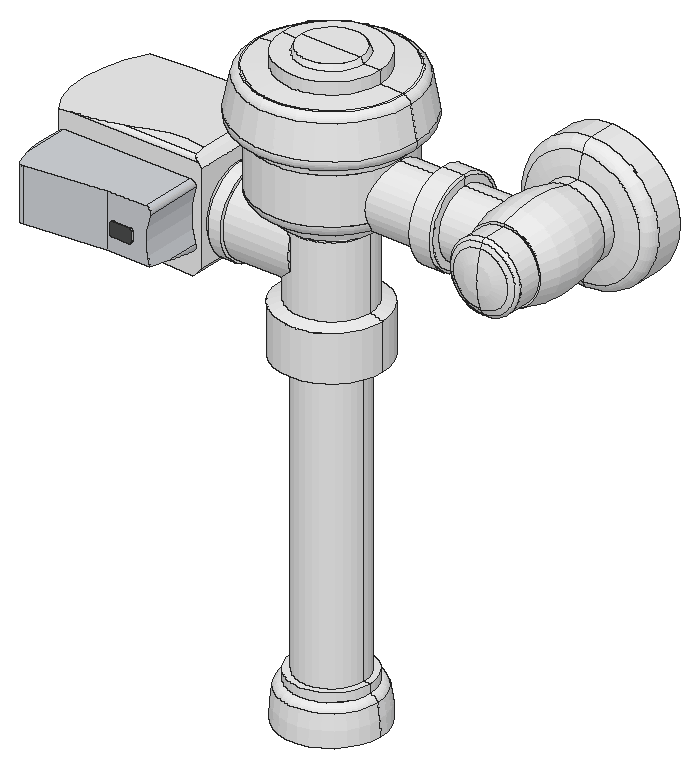
Revit family
Parameters (values of type "Royal Optima 111-1.28 SMOOTH")
  Waste Connection = no
  WFU = 0
  Vent Connection = no
  URL = "http://www.sloanvalve.com"
  Revised Date = "17/04/2013"
  Product URL = "http://www.sloanvalve.com/Our_Products/Sensor_Operated_Flushometers.aspx"
  Product Documentation Link = "http://www.sloanvalve.com/Specifications/Royal_Optima_SMOOTH_111-1pt28.pdf"
  Model = "Royal Optima 111-1.28 SMOOTH"
  Material = "Metal-Sloan-Chrome Plated"
  Manufacturer = "SLOAN"
  HWFU = 0
  HW Connection = no
  Description = "Exposed, Battery Powered, Sensor Activated, Royal ® Optima® SMOOTH™ Water Closet Flushometer for floor mounted or wall hung top spud bowls.\r\n\r\n"
  Default Elevation = 0"
  Cold Water Connection Radius = 1/2"
  CWFU = 10
  CW Connection = yes
  Assembly Code = "D2020300"
  ADA Compliant = yes
Reference planes (in)
  plane 1 "Center (Front/Back)": y = 0
  plane 2: z = 0
  plane 3 "Center (Left/Right)": x = 0
  plane 4: z = 10.25626
  plane 5: z = 11.50515
  plane 6: z = 8.13015
  plane 7: x = 4.75
  plane 8: y = 2.25
  plane 9: y = 1.6875
  plane 10: z = 11.5
  plane 11: x = -6
  plane 12: y = -2.5625
Forms (in)
  Revolve 1, solid, material "Metal-Sloan-Chrome Plated"
    sketch origin (0, 0, 0) x (1, 0, 0) y (0, 0, 1)
      loop
        line (0, 14.0094) -> (-0.68898, 14.0094) -> (-0.74803, 13.89129) -> (-1.14173, 13.89129) -> (-1.14173, 13.6157)
        arc (-1.14173, 13.6157) -> (-1.40055, 13.6078) -> (-1.65821, 13.58206) r 3.75062
        line (-1.65821, 13.58206) -> (-1.69345, 13.57253)
        arc (-1.69345, 13.57253) -> (-1.78906, 13.51106) -> (-1.8402, 13.40955) r 0.21588
        line (-1.8402, 13.40955) -> (-1.98606, 12.69082)
        arc (-1.98606, 12.69082) -> (-1.94084, 12.5129) -> (-1.77479, 12.43459) r 0.21522
        line (-1.77479, 12.43459) -> (-1.71373, 12.43459)
        arc (-1.71373, 12.43459) -> (-1.65034, 12.32819) -> (-1.62274, 12.20744) r 0.39778
        line (-1.62274, 12.20744) -> (-1.62274, 11.13176)
        arc (-1.62274, 11.13176) -> (-1.50829, 10.90601) -> (-1.2701, 10.82042) r 0.34264
        line (-1.2701, 10.82042) -> (-1.20079, 10.82042)
        arc (-1.20079, 10.82042) -> (-1.15956, 10.6836) -> (-1.10243, 10.55262) r 1.20581
        line (-1.10243, 10.55262) -> (-1.03576, 10.55262)
        arc (-1.03576, 10.55262) -> (-0.94287, 10.50529) -> (-0.90551, 10.40796) r 0.14546
        line (-0.90551, 10.40796) -> (-0.90551, 8.76194) -> (-1.1875, 8.67032) -> (-1.1875, 7.61693) -> (-0.75, 7.61693) -> (-0.75, 1.02178) -> (-0.90551, 1.02178) -> (-0.90551, 0.8244)
        arc (-0.90551, 0.8244) -> (-1.01192, 0.77816) -> (-1.07677, 0.68196) r 0.20715
        arc (-1.07677, 0.68196) -> (-1.12825, 0.34278) -> (-1.14196, 0) r 3.10082
        line (-1.14196, 0) -> (0, 0) -> (0, 14.0094)
      axis (0, 14.0094) -> (0, 0)
    angle from 0 to 360
  Revolve 2, solid, material "Metal-Sloan-Chrome Plated"
    sketch origin (0, -0.03317, -0.06382) x (1, 0, 0) y (0, 0, 1)
      loop
        line (0, 11.5) -> (4.62494, 11.5) -> (4.62494, 12.26772) -> (3.12494, 12.26772) -> (3.12494, 12.4256) -> (3.09759, 12.48425) -> (2.62016, 12.48425) -> (2.59369, 12.4256) -> (2.59369, 12.26784) -> (0, 12.26784) -> (0, 11.5)
      axis (4.62494, 11.5) -> (0, 11.5)
    angle from 0 to 360
  Revolve 3, solid, material "Metal-Sloan-Chrome Plated"
    sketch origin (-0.26953, -0.00192, 0) x (1, 0, 0) y (0, 0, 1)
      loop
        line (-1.51908, 9.91642) -> (-2.0521, 9.91642) -> (-2.0521, 9.06647) -> (-1.95658, 9.06647)
        arc (-1.95658, 9.06647) -> (-1.88442, 8.98883) -> (-1.79965, 8.92519) r 0.59657
        line (-1.79965, 8.92519) -> (-1.51908, 8.92519) -> (-1.51908, 8.98878) -> (0, 8.98878) -> (0, 9.91642) -> (-1.51908, 9.91642)
      axis (-2.0521, 9.91642) -> (0, 9.91642)
    angle from 0 to 360
  Revolve 4, solid, material "Metal-Sloan-Chrome Plated"
    sketch origin (4.75, 4.02869, -0.06382) x (0, 1, 0) y (0, 0, 1)
      loop
        line (-1.77869, 11.56382) -> (-5.72833, 11.56382)
        arc (-5.72833, 11.56382) -> (-5.70084, 11.24323) -> (-5.61512, 10.9331) r 1.75012
        line (-5.61512, 10.9331) -> (-5.5626, 10.81718)
        arc (-5.5626, 10.81718) -> (-5.52565, 10.77319) -> (-5.47061, 10.75673) r 0.10022
        line (-5.47061, 10.75673) -> (-4.94094, 10.75673) -> (-4.94094, 10.71235)
        arc (-4.94094, 10.71235) -> (-4.01575, 10.55732) -> (-3.09055, 10.71235) r 2.83837
        line (-3.09055, 10.71235) -> (-2.8125, 10.71235) -> (-2.8125, 10.81382) -> (-2.77585, 10.81382)
        arc (-2.77585, 10.81382) -> (-2.74036, 10.51207) -> (-2.66497, 10.21774) r 2.27448
        arc (-2.66497, 10.21774) -> (-2.55902, 10.06975) -> (-2.38755, 10.0087) r 0.3043
        line (-2.38755, 10.0087) -> (-1.77869, 10.0087) -> (-1.77869, 11.56382)
      axis (-5.72833, 11.56382) -> (-1.77869, 11.56382)
    angle from 0 to 360
  Extrusion 5, solid, material "Metal-Sloan-Chrome Plated"
    sketch origin (-0.26953, 3.52869, 0) x (0, 1, 0) y (0, 0, 1)
      loop
        arc (-2.05712, 11.35999) -> (-3.23538, 11.37101) -> (-4.41074, 11.28772) r 14.71473
        arc (-4.41074, 11.28772) -> (-4.48097, 11.25671) -> (-4.5098, 11.18557) r 0.1022
        line (-4.5098, 11.18557) -> (-4.5098, 8.44758)
        arc (-4.5098, 8.44758) -> (-4.47433, 8.3611) -> (-4.38835, 8.32445) r 0.12314
        arc (-4.38835, 8.32445) -> (-3.19679, 8.20827) -> (-2.0025, 8.29177) r 7.17782
        arc (-2.0025, 8.29177) -> (-1.89658, 8.4075) -> (-1.84119, 8.55429) r 0.41494
        arc (-1.84119, 8.55429) -> (-1.94086, 9.77509) -> (-1.84119, 10.99589) r 7.5263
        arc (-1.84119, 10.99589) -> (-1.89923, 11.20755) -> (-2.05712, 11.35999) r 0.41494
    from -6.08994 to -1.95658
  Extrusion 6, void
    sketch origin (-0.74375, 3.52869, 0) x (1, 0, 0) y (0, 1, 0)
      loop
        line (-4.7873, -1.84119) -> (-5.61572, -1.84119) -> (-5.61572, -4.54791) -> (-4.7873, -4.54791)
        arc (-4.7873, -4.54791) -> (-5.25631, -3.19455) -> (-4.7873, -1.84119) r 2.18712
    from 8.0438 to 12
  Extrusion 7, solid
    sketch origin (-0.26953, 0.40076, 8.7569) x (1, 0, 0) y (0, 0, 1)
      loop
        arc (-5.14763, 2.03693) -> (-5.23602, 2.00032) -> (-5.27263, 1.91193) r 0.125
        line (-5.27263, 1.91193) -> (-5.27263, 0.66193)
        arc (-5.27263, 0.66193) -> (-5.23602, 0.57354) -> (-5.14763, 0.53693) r 0.125
        line (-5.14763, 0.53693) -> (-2.2294, 0.53693)
        arc (-2.2294, 0.53693) -> (-2.12808, 0.58872) -> (-2.11072, 0.70117) r 0.125
        arc (-2.11072, 0.70117) -> (-2.20506, 1.28693) -> (-2.11072, 1.87268) r 1.86569
        arc (-2.11072, 1.87268) -> (-2.12808, 1.98514) -> (-2.2294, 2.03693) r 0.125
        line (-2.2294, 2.03693) -> (-5.14763, 2.03693)
    from 1.15185 to 2.93201
  Extrusion 8, solid
    sketch origin (-0.26953, -2.28125, 8.7569) x (1, 0, 0) y (0, 0, 1)
      loop
        arc (-2.96901, 1.45446) -> (-3.0132, 1.43616) -> (-3.03151, 1.39196) r 0.0625
        line (-3.03151, 1.39196) -> (-3.03151, 1.19553)
        arc (-3.03151, 1.19553) -> (-3.0132, 1.15133) -> (-2.96901, 1.13303) r 0.0625
        line (-2.96901, 1.13303) -> (-2.59401, 1.13303)
        arc (-2.59401, 1.13303) -> (-2.54982, 1.15133) -> (-2.53151, 1.19553) r 0.0625
        line (-2.53151, 1.19553) -> (-2.53151, 1.39196)
        arc (-2.53151, 1.39196) -> (-2.54982, 1.43616) -> (-2.59401, 1.45446) r 0.0625
        line (-2.59401, 1.45446) -> (-2.96901, 1.45446)
    from 0 to 0.03125
  Extrusion 9, void
    sketch origin (-0.26953, 4.02869, 9.0069) x (1, 0, 0) y (0, 0, 1)
      loop
        line (-6.35318, 2.54905) -> (-6.35318, 1.99176)
        arc (-6.35318, 1.99176) -> (-4.06824, 2.26441) -> (-1.76725, 2.29197) r 21.55956
        line (-1.76725, 2.29197) -> (-1.76725, 2.54905) -> (-6.35318, 2.54905)
    from 2.23816 to 5.37545
  Extrusion 10, void
    sketch origin (-0.26953, 4.02869, 11.08075) x (1, 0, 0) y (0, 0, 1)
      loop
        line (-6.35318, -3.28693) -> (-1.76725, -3.28693) -> (-1.76725, -2.29197)
        arc (-1.76725, -2.29197) -> (-4.06824, -2.26441) -> (-6.35318, -1.99176) r 21.55956
        line (-6.35318, -1.99176) -> (-6.35318, -3.28693)
    from 2.28831 to 5.37545
  Extrusion 11, void
    sketch origin (-0.26953, 4.02869, 9.0069) x (1, 0, 0) y (0, 0, 1)
      loop
        arc (-2.24388, 2.3451) -> (-2.04513, 2.19031) -> (-1.89033, 1.99155) r 1.02095
        line (-1.89033, 1.99155) -> (-1.89033, 2.3451) -> (-2.24388, 2.3451)
    from 2.34119 to 5.25011
  Extrusion 12, void
    sketch origin (-0.26953, 4.02869, 11.08075) x (1, 0, 0) y (0, 0, 1)
      loop
        line (-2.24388, -2.3451) -> (-1.89033, -2.3451) -> (-1.89033, -1.99155)
        arc (-1.89033, -1.99155) -> (-2.04513, -2.19031) -> (-2.24388, -2.3451) r 1.02095
    from 2.28831 to 5.25011
  Extrusion 13, void
    sketch origin (-0.01562, 0, 0) x (1, 0, 0) y (0, 1, 0)
      loop
        line (-5.54258, -1.01922) -> (-5.64677, -1.01922) -> (-5.64677, -2.5625) -> (-2.32163, -2.5625) -> (-2.32163, -2.28125) -> (-3.37393, -2.28125) -> (-5.13745, -2.51741)
        arc (-5.13745, -2.51741) -> (-5.22375, -2.49993) -> (-5.28083, -2.43287) r 0.13472
        arc (-5.28083, -2.43287) -> (-5.47875, -1.73846) -> (-5.54258, -1.01922) r 3.82362
    from 8.93042 to 12
  Extrusion 14, void
    sketch origin (0, 0, 0) x (0, -1, 0) y (0, 0, 1)
      loop
        line (0.613, 9.26018) -> (2.5625, 9.26018) -> (2.5625, 9.60393) -> (0.613, 9.26018)
    from 1.9477 to 6.09058
Cuts and joins
  Extrusion 6, Extrusion 9, Extrusion 10, Extrusion 11, Extrusion 12, Extrusion 13, Extrusion 14 cuts Revolve 1
  Extrusion 6, Extrusion 9, Extrusion 10, Extrusion 11, Extrusion 13 cuts Revolve 3
  Extrusion 6, Extrusion 9, Extrusion 10, Extrusion 11, Extrusion 12, Extrusion 13, Extrusion 14 cuts Revolve 4
  Extrusion 6, Extrusion 9, Extrusion 10, Extrusion 11, Extrusion 12, Extrusion 13 cuts Extrusion 5
  joined: Revolve 1, Revolve 3, Revolve 4, Extrusion 5
  Extrusion 6, Extrusion 9, Extrusion 10, Extrusion 11, Extrusion 12 cuts Revolve 2
  Extrusion 13, Extrusion 14 cuts Extrusion 7
Lines and regions (in)
  Masking region 1
    outline origin (0, 0, 0) x (1, 0, 0) y (0, 1, 0)
      loop
        line (3.19488, 2.25) -> (3.19488, 1.64114)
        arc (3.19488, 1.64114) -> (3.21972, 1.49891) -> (3.32433, 1.3994) r 0.23037
        arc (3.32433, 1.3994) -> (3.6044, 1.30213) -> (3.89876, 1.26678) r 1.38289
        line (3.89876, 1.26678) -> (3.89876, 0.94064)
        arc (3.89876, 0.94064) -> (3.86665, 0.83878) -> (3.83632, 0.73639) r 6.12749
        line (3.83632, 0.73639) -> (3.1283, 0.73639) -> (3.1283, 0.8915) -> (3.09288, 0.95284) -> (2.62402, 0.95284) -> (2.59369, 0.90029) -> (2.59369, 0.73359) -> (1.84671, 0.73359)
        arc (1.84671, 0.73359) -> (0.124, 1.99929) -> (-1.75809, 0.98566) r 1.99997
        line (-1.75809, 0.98566) -> (-2.07834, 0.98566) -> (-2.22611, 0.83789) -> (-2.22611, 1.68813) -> (-5.56039, 1.68813)
        arc (-5.56039, 1.68813) -> (-5.99558, 0.35351) -> (-5.56039, -0.98111) r 2.26409
        arc (-5.56039, -0.98111) -> (-5.49898, -1.70941) -> (-5.30385, -2.41377) r 3.93249
        arc (-5.30385, -2.41377) -> (-5.25208, -2.49144) -> (-5.16139, -2.51352) r 0.1284
        line (-5.16139, -2.51352) -> (-3.42688, -2.28125) -> (-3.30104, -2.28125) -> (-3.30104, -2.3125) -> (-2.79848, -2.3125) -> (-2.79848, -2.27721) -> (-2.37293, -2.27721) -> (-2.37293, -0.97753) -> (-2.22611, -0.97753) -> (-2.22611, -0.85187) -> (-2.06358, -0.99785) -> (-1.75809, -0.99785) -> (-1.75809, -0.95101)
        arc (-1.75809, -0.95101) -> (0.08491, -1.97731) -> (1.83703, -0.80256) r 2.02002
        line (1.83703, -0.80256) -> (2.59369, -0.80256) -> (2.59369, -0.96827) -> (2.62435, -1.02139) -> (3.10735, -1.02139) -> (3.12494, -0.95577) -> (3.12494, -0.79823) -> (3.86805, -0.79823)
        arc (3.86805, -0.79823) -> (3.882, -0.8556) -> (3.8986, -0.91225) r 1.27039
        line (3.8986, -0.91225) -> (3.93669, -0.91225) -> (3.93669, -1.41843)
        arc (3.93669, -1.41843) -> (3.95308, -1.48595) -> (4.00336, -1.53391) r 0.12335
        arc (4.00336, -1.53391) -> (4.74308, -1.71342) -> (5.48279, -1.53391) r 1.61386
        arc (5.48279, -1.53391) -> (5.53565, -1.51201) -> (5.55754, -1.45916) r 0.07475
        line (5.55754, -1.45916) -> (5.55754, -0.91225) -> (5.60929, -0.91225)
        arc (5.60929, -0.91225) -> (5.74033, 0.01474) -> (5.6087, 0.94165) r 3.33693
        line (5.6087, 0.94165) -> (5.6087, 1.26689)
        arc (5.6087, 1.26689) -> (5.89924, 1.30297) -> (6.17567, 1.3994) r 1.38289
        arc (6.17567, 1.3994) -> (6.28028, 1.49891) -> (6.30512, 1.64114) r 0.23037
        line (6.30512, 1.64114) -> (6.30512, 2.25) -> (3.19488, 2.25)
  Masking region 2
    outline origin (0, 0, 0) x (1, 0, 0) y (0, 0, 1)
      loop
        arc (1.14196, 0) -> (1.12299, 0.34228) -> (1.07677, 0.68196) r 4.29281
        arc (1.07677, 0.68196) -> (1.0092, 0.7749) -> (0.90551, 0.8244) r 0.23372
        line (0.90551, 0.8244) -> (0.90551, 1.02178) -> (0.75, 1.02178) -> (0.75, 7.61693) -> (1.1875, 7.61693) -> (1.1875, 8.67032) -> (0.90537, 8.76937) -> (0.90537, 10.41464)
        arc (0.90537, 10.41464) -> (0.97943, 10.51858) -> (1.10243, 10.55262) r 0.19086
        line (1.10243, 10.55262) -> (1.15117, 10.66835) -> (2.59369, 10.66835) -> (2.59369, 10.51058) -> (2.62016, 10.45193) -> (3.09759, 10.45193) -> (3.12494, 10.51058) -> (3.12494, 10.66959) -> (3.46643, 10.66959)
        arc (3.46643, 10.66959) -> (6.29106, 11.58689) -> (3.38602, 12.2039) r 1.53724
        line (3.38602, 12.2039) -> (3.12494, 12.2039) -> (3.12494, 12.36178) -> (3.10085, 12.42044) -> (2.62016, 12.42044) -> (2.59369, 12.36178) -> (2.59369, 12.20744) -> (1.62274, 12.20744)
        arc (1.62274, 12.20744) -> (1.65887, 12.32923) -> (1.72983, 12.43459) r 0.4191
        arc (1.72983, 12.43459) -> (1.91101, 12.50964) -> (1.98606, 12.69082) r 0.25623
        line (1.98606, 12.69082) -> (1.84614, 13.39413)
        arc (1.84614, 13.39413) -> (1.79109, 13.52702) -> (1.65821, 13.58206) r 0.18793
        line (1.65821, 13.58206) -> (1.14173, 13.61464) -> (1.14173, 13.89129) -> (0.74803, 13.89129) -> (0.68898, 14.0094) -> (-0.68898, 14.0094) -> (-0.75083, 13.89129) -> (-1.14173, 13.89129) -> (-1.14173, 13.6157) -> (-1.66441, 13.58206)
        arc (-1.66441, 13.58206) -> (-1.79467, 13.5281) -> (-1.84863, 13.39784) r 0.18421
        line (-1.84863, 13.39784) -> (-1.98606, 12.69082)
        arc (-1.98606, 12.69082) -> (-1.91741, 12.49083) -> (-1.71233, 12.43934) r 0.22171
        arc (-1.71233, 12.43934) -> (-1.64591, 12.33094) -> (-1.62274, 12.20594) r 0.3488
        line (-1.62274, 12.20594) -> (-1.62274, 11.13176)
        arc (-1.62274, 11.13176) -> (-1.55707, 10.95627) -> (-1.40623, 10.8451) r 0.32898
        line (-1.40623, 10.8451) -> (-1.79131, 10.8451) -> (-1.79131, 10.90765) -> (-2.06918, 10.90765) -> (-2.22611, 10.7674) -> (-2.22611, 11.09504) -> (-2.44602, 11.31494) -> (-4.00586, 11.28772) -> (-6.00018, 11.10001) -> (-6.00018, 8.9878) -> (-4.0861, 8.80135) -> (-2.45164, 8.77559) -> (-2.22611, 8.98879) -> (-2.22611, 9.06647) -> (-2.06918, 8.92519) -> (-1.78861, 8.92519) -> (-1.78861, 8.98879) -> (-0.90551, 8.98879) -> (-0.90551, 8.76194) -> (-1.1875, 8.67032) -> (-1.1875, 7.61693) -> (-0.75, 7.61693) -> (-0.75, 1.02178) -> (-0.90551, 1.02178) -> (-0.90551, 0.8244)
        arc (-0.90551, 0.8244) -> (-1.01501, 0.78187) -> (-1.07677, 0.68196) r 0.18485
        arc (-1.07677, 0.68196) -> (-1.13241, 0.34318) -> (-1.14196, 0) r 2.54527
        line (-1.14196, 0) -> (1.14196, 0)
  Masking region 3
    outline origin (0, 0, 0) x (0, 1, 0) y (0, 0, 1)
      loop
        arc (1.1498, 0) -> (1.13459, 0.3453) -> (1.07768, 0.68621) r 2.84877
        arc (1.07768, 0.68621) -> (1.01654, 0.78607) -> (0.90759, 0.82894) r 0.18429
        line (0.90759, 0.82894) -> (0.90759, 1.01893) -> (0.75488, 1.01893) -> (0.75488, 7.61693) -> (1.18906, 7.61693) -> (1.18906, 8.67152) -> (0.86877, 8.77559) -> (1.66371, 8.77559) -> (1.63517, 8.93275) -> (1.59044, 9.62753) -> (1.59824, 9.95105) -> (1.64114, 9.94488) -> (2.25, 9.94488) -> (2.25, 13.05237) -> (1.91739, 13.05237) -> (1.84105, 13.41156)
        arc (1.84105, 13.41156) -> (1.77365, 13.52256) -> (1.65821, 13.58206) r 0.23945
        line (1.65821, 13.58206) -> (1.14018, 13.6141) -> (1.14018, 13.89129) -> (0.74803, 13.89129) -> (0.68898, 14.0094) -> (-0.68898, 14.0094) -> (-0.75496, 13.89427) -> (-1.14026, 13.89427) -> (-1.14026, 13.60931) -> (-1.66028, 13.58206)
        arc (-1.66028, 13.58206) -> (-1.78782, 13.52923) -> (-1.84065, 13.40169) r 0.18037
        line (-1.84065, 13.40169) -> (-1.99142, 12.69234)
        arc (-1.99142, 12.69234) -> (-1.94853, 12.51369) -> (-1.7827, 12.43459) r 0.21339
        line (-1.7827, 12.43459) -> (-1.71373, 12.43459)
        arc (-1.71373, 12.43459) -> (-1.64822, 12.32931) -> (-1.62534, 12.20744) r 0.33606
        line (-1.62534, 12.20744) -> (-1.62534, 11.99476)
        arc (-1.62534, 11.99476) -> (-1.69779, 11.39367) -> (-1.56291, 10.80344) r 1.76555
        line (-1.56291, 10.80344) -> (-2.51487, 10.80344) -> (-2.51487, 9.58962) -> (-0.98649, 9.32012) -> (-0.98649, 8.73734) -> (-1.18906, 8.67152) -> (-1.18906, 7.61693) -> (-0.75488, 7.61693) -> (-0.75488, 1.01893) -> (-0.90759, 1.01893) -> (-0.90759, 0.82894)
        arc (-0.90759, 0.82894) -> (-1.01654, 0.78607) -> (-1.07768, 0.68621) r 0.18429
        arc (-1.07768, 0.68621) -> (-1.13459, 0.3453) -> (-1.1498, 0) r 2.84877
        line (-1.1498, 0) -> (1.1498, 0)
  symbolic lines, detail levels fine
    curve 1: circle (0, 0, 0) r 0.75 normal (0, 0, -1)
    curve 9: line (-4.05947, -0.88205, 0) -> (-5.30959, -0.98111, 0)
    curve 10: line (-4.05947, -0.88205, 0) -> (-2.37293, -0.97753, 0)
    curve 11: line (-5.56039, -0.98111, 0) -> (-5.30959, -0.98111, 0)
    curve 26: line (-1.25262, 0, 10.82042) -> (-1.18229, 0, 10.82042)
    curve 27: spline (-1.40704, 0, 10.84405) -> (-1.40869, 0, 10.84203) -> (-1.40728, 0, 10.83991) -> (-1.40284, 0, 10.83771) -> (-1.39543, 0, 10.83547) -> (-1.38517, 0, 10.83324) -> (-1.37223, 0, 10.83103) -> (-1.35682, 0, 10.8289) -> (-1.3392, 0, 10.82687) -> (-1.31963, 0, 10.82498) -> (-1.29845, 0, 10.82325) -> (-1.27599, 0, 10.82173) -> (-1.25262, 0, 10.82042)
    curve 31: line (-1.71373, 0, 12.43459) -> (1.72983, 0, 12.43459)
    curve 32: line (-1.14173, 0, 13.6157) -> (1.14173, 0, 13.6157)
    curve 33: line (-0.75083, 0, 13.89129) -> (0.74803, 0, 13.89129)
    curve 35: line (-5.41716, 0, 9.29382) -> (-2.49893, 0, 9.29382)
    curve 36: arc (-2.49893, 0, 9.29382) -> (-2.39762, 0, 9.3456) -> (-2.38025, 0, 9.45804) r 0.125
    curve 37: spline (-2.38025, 0, 9.45804) -> (-2.38288, 0, 9.46607) -> (-2.38547, 0, 9.47409) -> (-2.38802, 0, 9.48211) -> (-2.39054, 0, 9.49014) -> (-2.39301, 0, 9.49816) -> (-2.39545, 0, 9.50619) -> (-2.39784, 0, 9.51421) -> (-2.4002, 0, 9.52224) -> (-2.40252, 0, 9.53026) -> (-2.4048, 0, 9.53829) -> (-2.40704, 0, 9.54631) -> (-2.40924, 0, 9.55434)
    curve 38: line (-2.40924, 0, 9.55434) -> (-3.38956, 0, 9.55434)
    curve 39: line (-3.38956, 0, 9.55434) -> (-5.15625, 0, 9.59606)
    curve 40: spline (-5.15625, 0, 9.59606) -> (-5.17091, 0, 9.59619) -> (-5.18556, 0, 9.59604) -> (-5.20003, 0, 9.59562) -> (-5.21416, 0, 9.59493) -> (-5.22776, 0, 9.59397) -> (-5.24068, 0, 9.59276) -> (-5.25277, 0, 9.59132) -> (-5.26387, 0, 9.58965) -> (-5.27387, 0, 9.58779) -> (-5.28264, 0, 9.58574) -> (-5.29007, 0, 9.58354) -> (-5.29608, 0, 9.58122)
    curve 41: spline (-5.29609, 0, 9.58124) -> (-5.32725, 0, 9.56668) -> (-5.3565, 0, 9.552) -> (-5.38382, 0, 9.5372) -> (-5.40919, 0, 9.5223) -> (-5.43261, 0, 9.50731) -> (-5.45405, 0, 9.49222) -> (-5.47351, 0, 9.47706) -> (-5.49098, 0, 9.46182) -> (-5.50645, 0, 9.44652) -> (-5.51991, 0, 9.43116) -> (-5.53136, 0, 9.41575) -> (-5.54078, 0, 9.4003)
    curve 42: line (-5.54078, 0, 9.4003) -> (-5.41716, 0, 9.29382)
    curve 43: arc (-2.38025, 0, 10.62958) -> (-2.39762, 0, 10.74203) -> (-2.49893, 0, 10.79382) r 0.125
    curve 44: line (-3.38956, 0, 10.79382) -> (-3.38956, 0, 9.55434)
    curve 45: line (-2.86354, 0, 10.21136) -> (-3.23854, 0, 10.21136)
    curve 46: arc (-3.23854, 0, 10.21136) -> (-3.28273, 0, 10.19305) -> (-3.30104, 0, 10.14886) r 0.0625
    curve 47: line (-3.30104, 0, 10.14886) -> (-3.30104, 0, 9.95242)
    curve 48: arc (-3.30104, 0, 9.95242) -> (-3.28273, 0, 9.90823) -> (-3.23854, 0, 9.88992) r 0.0625
    curve 49: line (-3.23854, 0, 9.88992) -> (-2.86354, 0, 9.88992)
    curve 50: arc (-2.86354, 0, 9.88992) -> (-2.81935, 0, 9.90823) -> (-2.80104, 0, 9.95242) r 0.0625
    curve 51: line (-2.80104, 0, 9.95242) -> (-2.80104, 0, 10.14886)
    curve 52: arc (-2.80104, 0, 10.14886) -> (-2.81935, 0, 10.19305) -> (-2.86354, 0, 10.21136) r 0.0625
    curve 53: line (-2.49893, 0, 10.79382) -> (-5.41716, 0, 10.79382)
    curve 54: arc (-5.41716, 0, 10.79382) -> (-5.50555, 0, 10.75721) -> (-5.54216, 0, 10.66882) r 0.125
    curve 55: line (-5.54216, 0, 10.66882) -> (-5.54216, 0, 9.41882)
    curve 56: arc (-2.40924, 0, 9.55434) -> (-2.47391, 0, 10.09409) -> (-2.38025, 0, 10.62958) r 1.86569
    curve 57: circle (4.75, 0, 11.5) r 0.80709 normal (0, 1, 0)
    curve 71: line (0, 1.71373, 12.43459) -> (0, -1.71373, 12.43459)
    curve 72: line (0, 1.14173, 13.6157) -> (0, -1.17534, 13.6157)
    curve 73: line (0, -1.40765, 9.4003) -> (0, -1.40765, 10.6503)
    curve 74: line (0, -1.40765, 10.6503) -> (0, -1.97918, 10.80344)
    curve 75: line (0, -2.28125, 9.55434) -> (0, -2.28125, 10.79382)
    curve 76: line (0, -2.28125, 9.88992) -> (0, -2.3125, 9.88992)
    curve 77: line (0, -2.3125, 9.88992) -> (0, -2.3125, 10.21136)
    curve 78: line (0, -2.3125, 10.21136) -> (0, -2.28125, 10.21136)
    curve 79: arc (3.83632, 0.73639, 0) -> (3.75113, -0.03301, 0) -> (3.86805, -0.79823, 0) r 2.96442
  symbolic lines
    curve 2: line (-2.22611, 0.85248, 0) -> (-2.22611, -0.85474, 0)
    curve 3: arc (-1.75809, 0.98566, 0) -> (-1.9869, 0.01733, 0) -> (-1.75809, -0.95101, 0) r 2.16339
    curve 13: arc (1.20079, 0, 10.82042) -> (1.47179, 0, 10.89474) -> (1.62274, 0, 11.13176) r 0.39053
    curve 14: line (1.62274, 0, 11.13176) -> (1.62274, 0, 12.20744)
    curve 15: arc (3.38602, 0, 12.2039) -> (3.19091, 0, 11.42442) -> (3.46643, 0, 10.66959) r 1.37006
    curve 58: line (0, -0.98649, 9.32012) -> (0, -0.98649, 10.82012)
    curve 59: line (0, -1.56291, 10.80344) -> (0, -0.98111, 10.82042)
    curve 60: line (0, -0.98111, 10.82042) -> (0, -0.98111, 11.18544)
    curve 61: arc (0, -0.98111, 11.18544) -> (0, -0.95104, 11.25804) -> (0, -0.87843, 11.28812) r 0.10268
    curve 62: arc (0, -0.87843, 11.28812) -> (0, 0.38135, 11.36905) -> (0, 1.64114, 11.28812) r 9.84499
    curve 63: arc (0, 1.68744, 10.99591) -> (0, 1.71824, 11.15056) -> (0, 1.64114, 11.28812) r 0.22761
    curve 64: line (0, 0.86877, 8.77559) -> (0, -0.98649, 8.77559)
    curve 65: line (0, 1.91739, 13.05237) -> (0, 1.98906, 12.6837)
    curve 66: arc (0, 1.98906, 12.6837) -> (0, 1.92167, 12.48148) -> (0, 1.71373, 12.43459) r 0.2169
    curve 67: arc (0, 1.71373, 12.43459) -> (0, 1.65035, 12.32818) -> (0, 1.62274, 12.20744) r 0.39803
    curve 68: line (0, 1.62274, 12.20744) -> (0, 1.62274, 11.29047)
  symbolic lines, detail levels medium+fine
    curve 4: line (2.59369, 0.73467, 0) -> (2.59369, -0.80101, 0)
    curve 5: line (3.12494, 0.73455, 0) -> (3.12494, -0.80088, 0)
    curve 6: line (3.89876, 1.26678, 0) -> (5.6087, 1.26689, 0)
    curve 7: line (3.93669, -0.91225, 0) -> (5.55754, -0.91225, 0)
    curve 8: line (3.89876, 0.94064, 0) -> (5.609, 0.94064, 0)
    curve 12: line (1.15117, 0, 10.66835) -> (1.20079, 0, 10.82042)
    curve 16: line (-1.79131, 0, 10.8451) -> (-1.79131, 0, 8.99632)
    curve 17: line (-0.75, 0, 1.02178) -> (0.75, 0, 1.02178)
    curve 18: line (-0.75, 0, 7.61693) -> (0.75, 0, 7.61693)
    curve 19: line (-0.90551, 0, 8.76194) -> (0.90551, 0, 8.76194)
    curve 20: line (-0.26953, 0, 9.57508) -> (-0.90551, 0, 8.98879)
    curve 21: line (-0.26953, 0, 9.57508) -> (-0.26953, 0, 10.25775)
    curve 22: spline (-0.42368, 0, 10.38855) -> (-0.4114, 0, 10.37753) -> (-0.39901, 0, 10.36653) -> (-0.38651, 0, 10.35555) -> (-0.37391, 0, 10.34458) -> (-0.3612, 0, 10.33364) -> (-0.34839, 0, 10.32272) -> (-0.33549, 0, 10.31182) -> (-0.32248, 0, 10.30095) -> (-0.30938, 0, 10.2901) -> (-0.29619, 0, 10.27929) -> (-0.28291, 0, 10.2685) -> (-0.26953, 0, 10.25775)
    curve 23: spline (-0.42598, 0, 10.386) -> (-0.45034, 0, 10.40682) -> (-0.47599, 0, 10.42654) -> (-0.50288, 0, 10.44509) -> (-0.53092, 0, 10.46243) -> (-0.56003, 0, 10.47851) -> (-0.59015, 0, 10.49328) -> (-0.62119, 0, 10.50672) -> (-0.65306, 0, 10.51877) -> (-0.68569, 0, 10.52942) -> (-0.71897, 0, 10.53862) -> (-0.75283, 0, 10.54636) -> (-0.78717, 0, 10.55262)
    curve 24: line (-0.87006, 0, 10.55262) -> (-0.78717, 0, 10.55262)
    curve 25: line (-1.18229, 0, 10.82042) -> (-0.87006, 0, 10.55262)
    curve 28: line (2.59369, 0, 12.20744) -> (2.59369, 0, 10.66835)
    curve 29: line (3.12494, 0, 12.2039) -> (3.12494, 0, 10.66847)
    curve 30: line (-2.22611, 0, 10.7674) -> (-2.22611, 0, 9.06647)
    curve 34: line (-1.18229, 0, 10.82042) -> (1.20079, 0, 10.82042)
    curve 69: line (0, 0.75488, 1.01893) -> (0, -0.74512, 1.01893)
    curve 70: line (0, 0.75488, 7.61693) -> (0, -0.75, 7.61693)
    curve 80: arc (1.84671, 0.73359, 0) -> (1.98363, -0.03538, 0) -> (1.83703, -0.80256, 0) r 2.15175
Connectors (in)
  piping at (4.75, 2.25, 11.5), driven by "CWFU", driven by "Cold Water Connection Radius"
    settings: on cut or joined group of Revolve 1, Revolve 3, Revolve 4, Extrusion 5, Extrusion 6, Extrusion 9, Extrusion 10, Extrusion 11, Extrusion 12, Extrusion 13, Extrusion 14, index 1
